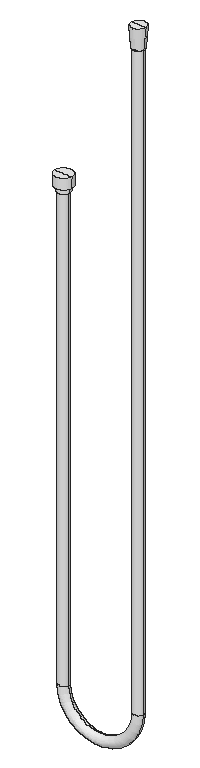
Revit family "Hand_Shower_Hose-American_Standard-8888.035_Series", category Plumbing Fixtures, host Face, Revit 2019
Family settings
  Host = Face
  Round Connector Dimension = Use Diameter
  Part Type = Normal
  OmniClass Number = 23.45.05.14.17
  OmniClass Title = Showers
  Cut with Voids When Loaded = No
  Shared = Yes
  Room Calculation Point = No
Parameters (values of type "8888.035.002")
  Width = 5"  # constant formula
  Waste Connection = no
  Warranty Information = "Limited Lifetime Warranty - Function & Finish"  # constant formula
  WFU = 0  # constant formula
  Vent Connection = no
  URL = "https://www.americanstandard-us.com/"
  Type Comments = ""
  Product Page URL = "https://www.americanstandard-us.com/bathroom/shower-faucets/hand-shower-showerhose-17038"
  Product Documentation Link = "https://www.americanstandard-us.com/-/media/sites/asus/files/product-specs/bulk/specsheet8888035.pdf?la=en"
  Price = "Prices may vary. Please consult Manufacturer Representative for most up-to-date price list."  # constant formula
  Model = "8888.035.002"
  Material = "Brass-American Standard-002-Polished Chrome"
  Manufacturer = "American Standard"  # constant formula
  Length = 59"  # constant formula
  Installation Type = "Wall-Mounted"
  Height = 23 5/8"  # constant formula
  HWFU = 3  # constant formula
  HW Connection = yes
  Finish = Brass-American Standard-002-Polished Chrome
  Description = "Handshower Metal Shower Hose.Threads directly on 1/2\" NPSM male threaded personal hand held shower."
  Default Elevation = 44"
  Creation Date = "12/15/2020"  # constant formula
  Cold Water Connection Radius = 1/4"
  Cold Water Connection Diameter = Cold Water Connection Radius * 2  # 1/2"
  CWFU = 3  # constant formula
  CW Connection = yes
  Assembly Code = "D2010710"
Types (7): name | Product Page URL | Model | Material | Finish
  (no name) | "https://www.americanstandard-us.com/bathroom/shower-faucets/hand-shower-showerhose-17038" | "8888.035.002" | "Brass-American Standard-002-Polished Chrome" | Brass-American Standard-002-Polished Chrome
  8888.035.002 | "https://www.americanstandard-us.com/bathroom/shower-faucets/hand-shower-showerhose-17038" | "8888.035.002" | "Brass-American Standard-002-Polished Chrome" | Brass-American Standard-002-Polished Chrome
  8888.035.295 | "https://www.americanstandard-us.com/bathroom/shower-faucets/hand-shower-showerhose-17038?variant=brushed-nickel" | "8888.035.295" | "Brass-American Standard-295-Brushed Nickel" | Brass-American Standard-295-Brushed Nickel
  8888.035.278 | "https://www.americanstandard-us.com/bathroom/shower-faucets/hand-shower-showerhose-17038?variant=legacy-bronze" | "8888.035.278" | "Brass-American Standard-278-Legacy Bronze" | Brass-American Standard-278-Legacy Bronze
  8888.035.243 | "https://www.americanstandard-us.com/bathroom/shower-faucets/hand-shower-showerhose-17038?variant=matte-black" | "8888.035.243" | "Brass-American Standard-243-Matte Black" | Brass-American Standard-243-Matte Black
  8888.035.224 | "https://www.americanstandard-us.com/bathroom/shower-faucets/hand-shower-showerhose-17038?variant=oil-rubbed-bronze" | "8888.035.224" | "Brass-American Standard-224-Oil Rubbed Bronze" | Brass-American Standard-224-Oil Rubbed Bronze
  8888.035.013 | "https://www.americanstandard-us.com/bathroom/shower-faucets/hand-shower-showerhose-17038?variant=polished-nickel" | "8888.035.013" | "Brass-American Standard-013-Polished Nickel" | Brass-American Standard-013-Polished Nickel
Reference planes (in)
  plane 1 "Center (Front/Back)": y = 0
  plane 2: z = 0
  plane 3 "Center (Left/Right)": x = 0
  plane 4: x = -3.77344
  plane 5: z = 2.5
  plane 6: z = 1.35868
Forms (in)
  Extrusion 1, solid, material "Brass-American Standard-002-Polished Chrome" <- "Finish", not visible
    sketch origin (-35.56636, -117.10665, -12.875) x (1, 0, 0) y (0, 1, 0)
      loop
        line (35.5416, 117.22221) -> (35.5416, 117.05502) -> (35.57323, 117.05502) -> (35.57323, 117.22221) -> (35.5416, 117.22221)
    from 12.875 to 12.55765
  Sweep 2, solid, material "Brass-American Standard-002-Polished Chrome" <- "Finish"
    path origin (41.99439, 1.05475, -66.4545) x (-1, 0, 0) y (0, 0, -1)
      loop
        line (41.99439, -65.42325) -> (41.99439, -35.42325)
        arc (41.99439, -35.42325) -> (43.88111, -33.53653) -> (45.76783, -35.42325) r 1.88672
        line (45.76783, -35.42325) -> (45.76783, -57.67325)
    profile origin (0, 1.05475, -16.03125) x (0, -1, 0) y (1, 0, 0)
      loop
        circle (1.05475, 0) r 0.25279
  Revolve 3, solid, material "Brass-American Standard-002-Polished Chrome" <- "Finish"
    sketch origin (0, 0, 0) x (1, 0, 0) y (0, 0, 1)
      loop
        line (0, 0) -> (-0.36623, 0) -> (-0.29707, -0.98908)
        arc (-0.29707, -0.98908) -> (-0.2812, -1.0192) -> (-0.24936, -1.03125) r 0.04807
        line (-0.24936, -1.03125) -> (0, -1.03125) -> (0, 0)
      axis (0, -1.03125) -> (0, 0)
    angle from 0 to 360
  Revolve 4, solid, material "Brass-American Standard-002-Polished Chrome" <- "Finish"
    sketch origin (0, 0, 0) x (1, 0, 0) y (0, 0, 1)
      loop
        line (-3.77344, -8.78125) -> (-3.77344, -8.03125) -> (-4.20644, -8.03125) -> (-4.20644, -8.53125) -> (-4.09213, -8.53125) -> (-4.09213, -8.78125) -> (-3.77344, -8.78125)
      axis (-3.77344, -8.78125) -> (-3.77344, -8.03125)
    angle from 0 to 360
Lines and regions (in)
  Masking region 1
    outline origin (0, 0, 0) x (1, 0, 0) y (0, 1, 0)
      loop
        line (-3.4198, -0.24986) -> (-0.26777, -0.24986)
        arc (-0.26777, -0.24986) -> (0.36623, 0) -> (-0.26777, 0.24986) r 0.36623
        line (-0.26777, 0.24986) -> (-3.4198, 0.24986)
        arc (-3.4198, 0.24986) -> (-4.20644, 0) -> (-3.4198, -0.24986) r 0.433
  symbolic lines, detail levels medium+fine
    curve 1: circle (-3.77344, 0, 0) r 0.433 normal (0, 0, 1)
  symbolic lines, detail levels fine
    curve 2: circle (0, 0, 0) r 0.36623 normal (0, 0, 1)
Dimensions and locks (in)
  Sweep 2 sketch curve to Sweep 2 sketch curve = 30"
  Sweep 2 sketch curve to Sweep 2 sketch curve = 22 1/4"
  aligned and locked: plane 2 to Extrusion 1
  aligned and locked: plane 1 "Center (Front/Back)" to Sweep 2
  aligned and locked: Sweep 2 sketch curve to plane 3 "Center (Left/Right)"
  aligned and locked: Sweep 2 sketch curve to plane 4
  aligned and locked: level to plane 2
  aligned and locked: Revolve 3 sketch curve to plane 3 "Center (Left/Right)"
  aligned and locked: Revolve 3 sketch curve to level
  aligned and locked: Revolve 3 sketch curve to Sweep 2
  aligned and locked: Revolve 3 sketch curve to Revolve 3 sketch curve  (x2)
  aligned and locked: Revolve 4 sketch curve to plane 4
  aligned and locked: Sweep 2 to Revolve 4 sketch curve
  aligned and locked: Revolve 4 sketch curve to Revolve 4 sketch curve  (x2)
  aligned and locked: Masking region 1 sketch curve to Revolve 4
  aligned and locked: Masking region 1 sketch curve to Revolve 3
  aligned and locked: curve 1 to Masking region 1
  aligned and locked: curve 2 to Masking region 1
